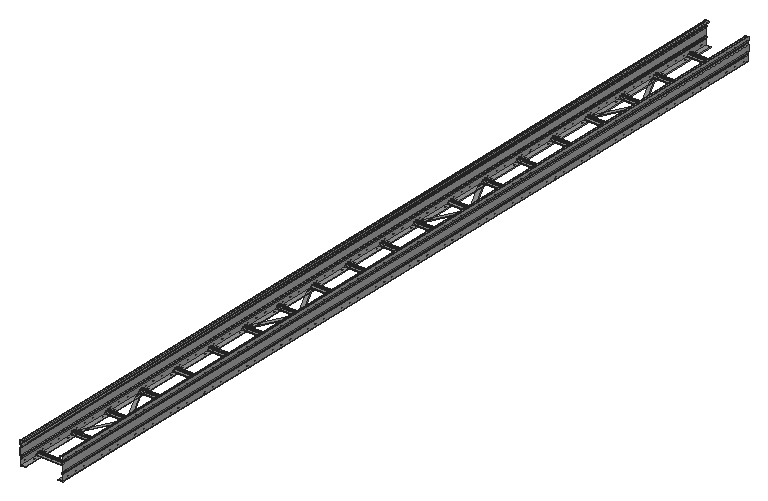
Revit family "W1630 FS, FT, FT SO, A4.28.08", category Generic Models, Revit 2017 (continued)
Automatic sketch dimensions
  Extrusion 335 sketch curve to plane 193 = 2.5 mm
  Extrusion 336 sketch curve to plane 194 = 2.5 mm
  Extrusion 337 sketch curve to plane 195 = 2.5 mm
  Extrusion 338 sketch curve to plane 196 = 2.5 mm
  Extrusion 339 sketch curve to plane 197 = 2.5 mm
  Extrusion 340 sketch curve to plane 198 = 2.5 mm
  Extrusion 341 sketch curve to plane 199 = 2.5 mm
  Extrusion 342 sketch curve to plane 200 = 2.5 mm
  Extrusion 343 sketch curve to plane 201 = 2.5 mm
  Extrusion 344 sketch curve to plane 203 = 2.5 mm
  Extrusion 345 sketch curve to plane 204 = 2.5 mm
  Extrusion 346 sketch curve to plane 205 = 2.5 mm
  Extrusion 347 sketch curve to plane 206 = 2.5 mm
  Extrusion 348 sketch curve to plane 207 = 2.5 mm
  Extrusion 349 sketch curve to plane 208 = 2.5 mm
  Extrusion 350 sketch curve to plane 209 = 2.5 mm
  Extrusion 351 sketch curve to plane 210 = 2.5 mm
  Extrusion 352 sketch curve to plane 211 = 2.5 mm
  Extrusion 353 sketch curve to plane 212 = 2.5 mm
  Extrusion 354 sketch curve to plane 213 = 2.5 mm
  Extrusion 355 sketch curve to plane 214 = 2.5 mm
  Extrusion 356 sketch curve to plane 215 = 2.5 mm
  Extrusion 357 sketch curve to plane 216 = 2.5 mm
  Extrusion 358 sketch curve to plane 217 = 2.5 mm
  Extrusion 359 sketch curve to plane 218 = 2.5 mm
  Extrusion 360 sketch curve to plane 219 = 2.5 mm
  Extrusion 361 sketch curve to plane 220 = 2.5 mm
  Extrusion 362 sketch curve to plane 221 = 2.5 mm
  Extrusion 363 sketch curve to plane 222 = 2.5 mm
  Extrusion 404 sketch curve to plane 231 = 0 mm
  Extrusion 404 sketch curve to plane 234 = 0 mm
  Extrusion 404 sketch curve to plane 232 = 0 mm
  Extrusion 405 sketch curve to plane 239 = 0 mm
  Extrusion 405 sketch curve to Extrusion 405 sketch curve = 0.36 mm
  Extrusion 405 sketch curve to Extrusion 405 sketch curve = 0.618 mm  (x2)
  Extrusion 405 sketch curve to Extrusion 405 sketch curve = 0.573 mm  (x2)
  Extrusion 405 sketch curve to Extrusion 405 sketch curve = 3.233 mm
  Extrusion 405 sketch curve to Extrusion 405 sketch curve = 3.543 mm
  Extrusion 405 sketch curve to Extrusion 405 sketch curve = 0.405 mm  (x2)
  Extrusion 405 sketch curve to plane 239 = 15.583 mm
  Extrusion 405 sketch curve to plane 239 = 15.291 mm  (x2)
  Extrusion 405 sketch curve to Extrusion 405 sketch curve = 1.596 mm
  Extrusion 405 sketch curve to plane 239 = 1.583 mm  (x2)
  Extrusion 405 sketch curve to Extrusion 405 sketch curve = 1.383 mm
  Extrusion 405 sketch curve to Extrusion 405 sketch curve = 2.773 mm
  Extrusion 405 sketch curve to Extrusion 405 sketch curve = 0.5 mm
  Extrusion 404 sketch curve to plane 233 = 0 mm  (x4)
  plane 237 to Extrusion 404 sketch curve = 2.664 mm
  Extrusion 406 sketch curve to plane 240 = 0 mm
  Extrusion 406 sketch curve to Extrusion 406 sketch curve = 0.36 mm
  Extrusion 406 sketch curve to Extrusion 406 sketch curve = 0.618 mm  (x2)
  Extrusion 406 sketch curve to Extrusion 406 sketch curve = 0.573 mm  (x2)
  Extrusion 406 sketch curve to Extrusion 406 sketch curve = 3.233 mm
  Extrusion 406 sketch curve to Extrusion 406 sketch curve = 3.543 mm
  Extrusion 406 sketch curve to Extrusion 406 sketch curve = 0.405 mm  (x2)
  Extrusion 406 sketch curve to plane 240 = 15.583 mm
  Extrusion 406 sketch curve to plane 240 = 15.291 mm  (x2)
  Extrusion 406 sketch curve to Extrusion 406 sketch curve = 1.596 mm
  Extrusion 406 sketch curve to plane 240 = 1.583 mm  (x2)
  Extrusion 406 sketch curve to Extrusion 406 sketch curve = 1.383 mm
  Extrusion 406 sketch curve to Extrusion 406 sketch curve = 2.773 mm
  Extrusion 406 sketch curve to Extrusion 406 sketch curve = 0.5 mm
  Extrusion 407 sketch curve to plane 241 = 0 mm
  Extrusion 407 sketch curve to plane 244 = 0 mm
  Extrusion 407 sketch curve to plane 242 = 0 mm
  Extrusion 407 sketch curve to plane 243 = 0 mm  (x4)
  plane 247 to Extrusion 407 sketch curve = 2.664 mm
  Extrusion 408 sketch curve to plane 249 = 0 mm
  Extrusion 408 sketch curve to Extrusion 408 sketch curve = 0.36 mm
  Extrusion 408 sketch curve to Extrusion 408 sketch curve = 0.618 mm  (x2)
  Extrusion 408 sketch curve to Extrusion 408 sketch curve = 0.573 mm  (x2)
  Extrusion 408 sketch curve to Extrusion 408 sketch curve = 3.233 mm
  Extrusion 408 sketch curve to Extrusion 408 sketch curve = 3.543 mm
  Extrusion 408 sketch curve to Extrusion 408 sketch curve = 0.405 mm  (x2)
  Extrusion 408 sketch curve to plane 249 = 15.583 mm
  Extrusion 408 sketch curve to plane 249 = 15.291 mm  (x2)
  Extrusion 408 sketch curve to Extrusion 408 sketch curve = 1.596 mm
  Extrusion 408 sketch curve to plane 249 = 1.583 mm  (x2)
  Extrusion 408 sketch curve to Extrusion 408 sketch curve = 1.383 mm
  Extrusion 408 sketch curve to Extrusion 408 sketch curve = 2.773 mm
  Extrusion 408 sketch curve to Extrusion 408 sketch curve = 0.5 mm
  Extrusion 409 sketch curve to plane 250 = 0 mm
  Extrusion 409 sketch curve to plane 253 = 0 mm
  Extrusion 409 sketch curve to plane 251 = 0 mm
  Extrusion 409 sketch curve to plane 252 = 0 mm  (x4)
  plane 256 to Extrusion 409 sketch curve = 2.664 mm
  Extrusion 410 sketch curve to plane 258 = 0 mm
  Extrusion 410 sketch curve to Extrusion 410 sketch curve = 0.36 mm
  Extrusion 410 sketch curve to Extrusion 410 sketch curve = 0.618 mm  (x2)
  Extrusion 410 sketch curve to Extrusion 410 sketch curve = 0.573 mm  (x2)
  Extrusion 410 sketch curve to Extrusion 410 sketch curve = 3.233 mm
  Extrusion 410 sketch curve to Extrusion 410 sketch curve = 3.543 mm
  Extrusion 410 sketch curve to Extrusion 410 sketch curve = 0.405 mm  (x2)
  Extrusion 410 sketch curve to plane 258 = 15.583 mm
  Extrusion 410 sketch curve to plane 258 = 15.291 mm  (x2)
  Extrusion 410 sketch curve to Extrusion 410 sketch curve = 1.596 mm
  Extrusion 410 sketch curve to plane 258 = 1.583 mm  (x2)
  Extrusion 410 sketch curve to Extrusion 410 sketch curve = 1.383 mm
  Extrusion 410 sketch curve to Extrusion 410 sketch curve = 2.773 mm
  Extrusion 410 sketch curve to Extrusion 410 sketch curve = 0.5 mm
  Extrusion 411 sketch curve to plane 259 = 0 mm
  Extrusion 411 sketch curve to plane 262 = 0 mm
  Extrusion 411 sketch curve to plane 260 = 0 mm
  Extrusion 411 sketch curve to plane 261 = 0 mm  (x4)
  plane 265 to Extrusion 411 sketch curve = 2.664 mm
  Extrusion 412 sketch curve to plane 267 = 0 mm
  Extrusion 412 sketch curve to Extrusion 412 sketch curve = 0.36 mm
  Extrusion 412 sketch curve to Extrusion 412 sketch curve = 0.618 mm  (x2)
  Extrusion 412 sketch curve to Extrusion 412 sketch curve = 0.573 mm  (x2)
  Extrusion 412 sketch curve to Extrusion 412 sketch curve = 3.233 mm
  Extrusion 412 sketch curve to Extrusion 412 sketch curve = 3.543 mm
  Extrusion 412 sketch curve to Extrusion 412 sketch curve = 0.405 mm  (x2)
  Extrusion 412 sketch curve to plane 267 = 15.583 mm
  Extrusion 412 sketch curve to plane 267 = 15.291 mm  (x2)
  Extrusion 412 sketch curve to Extrusion 412 sketch curve = 1.596 mm
  Extrusion 412 sketch curve to plane 267 = 1.583 mm  (x2)
  Extrusion 412 sketch curve to Extrusion 412 sketch curve = 1.383 mm
  Extrusion 412 sketch curve to Extrusion 412 sketch curve = 2.773 mm
  Extrusion 412 sketch curve to Extrusion 412 sketch curve = 0.5 mm
  Extrusion 413 sketch curve to plane 268 = 0 mm
  Extrusion 413 sketch curve to plane 271 = 0 mm
  Extrusion 413 sketch curve to plane 269 = 0 mm
  Extrusion 413 sketch curve to plane 270 = 0 mm  (x4)
  plane 274 to Extrusion 413 sketch curve = 2.664 mm
  Extrusion 414 sketch curve to plane 276 = 0 mm
  Extrusion 414 sketch curve to Extrusion 414 sketch curve = 0.36 mm
  Extrusion 414 sketch curve to Extrusion 414 sketch curve = 0.618 mm  (x2)
  Extrusion 414 sketch curve to Extrusion 414 sketch curve = 0.573 mm  (x2)
  Extrusion 414 sketch curve to Extrusion 414 sketch curve = 3.233 mm
  Extrusion 414 sketch curve to Extrusion 414 sketch curve = 3.543 mm
  Extrusion 414 sketch curve to Extrusion 414 sketch curve = 0.405 mm  (x2)
  Extrusion 414 sketch curve to plane 276 = 15.583 mm
  Extrusion 414 sketch curve to plane 276 = 15.291 mm  (x2)
  Extrusion 414 sketch curve to Extrusion 414 sketch curve = 1.596 mm
  Extrusion 414 sketch curve to plane 276 = 1.583 mm  (x2)
  Extrusion 414 sketch curve to Extrusion 414 sketch curve = 1.383 mm
  Extrusion 414 sketch curve to Extrusion 414 sketch curve = 2.773 mm
  Extrusion 414 sketch curve to Extrusion 414 sketch curve = 0.5 mm
  Extrusion 415 sketch curve to plane 277 = 0 mm
  Extrusion 415 sketch curve to plane 280 = 0 mm
  Extrusion 415 sketch curve to plane 278 = 0 mm
  Extrusion 415 sketch curve to plane 279 = 0 mm  (x4)
  plane 283 to Extrusion 415 sketch curve = 2.664 mm
  Extrusion 416 sketch curve to plane 285 = 0 mm
  Extrusion 416 sketch curve to Extrusion 416 sketch curve = 0.36 mm
  Extrusion 416 sketch curve to Extrusion 416 sketch curve = 0.618 mm  (x2)
  Extrusion 416 sketch curve to Extrusion 416 sketch curve = 0.573 mm  (x2)
  Extrusion 416 sketch curve to Extrusion 416 sketch curve = 3.233 mm
  Extrusion 416 sketch curve to Extrusion 416 sketch curve = 3.543 mm
  Extrusion 416 sketch curve to Extrusion 416 sketch curve = 0.405 mm  (x2)
  Extrusion 416 sketch curve to plane 285 = 15.583 mm
  Extrusion 416 sketch curve to plane 285 = 15.291 mm  (x2)
  Extrusion 416 sketch curve to Extrusion 416 sketch curve = 1.596 mm
  Extrusion 416 sketch curve to plane 285 = 1.583 mm  (x2)
  Extrusion 416 sketch curve to Extrusion 416 sketch curve = 1.383 mm
  Extrusion 416 sketch curve to Extrusion 416 sketch curve = 2.773 mm
  Extrusion 416 sketch curve to Extrusion 416 sketch curve = 0.5 mm
  Extrusion 417 sketch curve to plane 286 = 0 mm
  Extrusion 417 sketch curve to plane 289 = 0 mm
  Extrusion 417 sketch curve to plane 287 = 0 mm
  Extrusion 417 sketch curve to plane 288 = 0 mm  (x4)
  plane 292 to Extrusion 417 sketch curve = 2.664 mm
  Extrusion 418 sketch curve to plane 294 = 0 mm
  Extrusion 418 sketch curve to Extrusion 418 sketch curve = 0.36 mm
  Extrusion 418 sketch curve to Extrusion 418 sketch curve = 0.618 mm  (x2)
  Extrusion 418 sketch curve to Extrusion 418 sketch curve = 0.573 mm  (x2)
  Extrusion 418 sketch curve to Extrusion 418 sketch curve = 3.233 mm
  Extrusion 418 sketch curve to Extrusion 418 sketch curve = 3.543 mm
  Extrusion 418 sketch curve to Extrusion 418 sketch curve = 0.405 mm  (x2)
  Extrusion 418 sketch curve to plane 294 = 15.583 mm
  Extrusion 418 sketch curve to plane 294 = 15.291 mm  (x2)
  Extrusion 418 sketch curve to Extrusion 418 sketch curve = 1.596 mm
  Extrusion 418 sketch curve to plane 294 = 1.583 mm  (x2)
  Extrusion 418 sketch curve to Extrusion 418 sketch curve = 1.383 mm
  Extrusion 418 sketch curve to Extrusion 418 sketch curve = 2.773 mm
  Extrusion 418 sketch curve to Extrusion 418 sketch curve = 0.5 mm
  Extrusion 419 sketch curve to plane 295 = 0 mm
  Extrusion 419 sketch curve to plane 298 = 0 mm
  Extrusion 419 sketch curve to plane 296 = 0 mm
  Extrusion 419 sketch curve to plane 297 = 0 mm  (x4)
  plane 301 to Extrusion 419 sketch curve = 2.664 mm
  Extrusion 420 sketch curve to plane 303 = 0 mm
  Extrusion 420 sketch curve to Extrusion 420 sketch curve = 0.36 mm
  Extrusion 420 sketch curve to Extrusion 420 sketch curve = 0.618 mm  (x2)
  Extrusion 420 sketch curve to Extrusion 420 sketch curve = 0.573 mm  (x2)
  Extrusion 420 sketch curve to Extrusion 420 sketch curve = 3.233 mm
  Extrusion 420 sketch curve to Extrusion 420 sketch curve = 3.543 mm
  Extrusion 420 sketch curve to Extrusion 420 sketch curve = 0.405 mm  (x2)
  Extrusion 420 sketch curve to plane 303 = 15.583 mm
  Extrusion 420 sketch curve to plane 303 = 15.291 mm  (x2)
  Extrusion 420 sketch curve to Extrusion 420 sketch curve = 1.596 mm
  Extrusion 420 sketch curve to plane 303 = 1.583 mm  (x2)
  Extrusion 420 sketch curve to Extrusion 420 sketch curve = 1.383 mm
  Extrusion 420 sketch curve to Extrusion 420 sketch curve = 2.773 mm
  Extrusion 420 sketch curve to Extrusion 420 sketch curve = 0.5 mm
  Extrusion 421 sketch curve to plane 304 = 0 mm
  Extrusion 421 sketch curve to plane 307 = 0 mm
  Extrusion 421 sketch curve to plane 305 = 0 mm
  Extrusion 421 sketch curve to plane 306 = 0 mm  (x4)
  plane 310 to Extrusion 421 sketch curve = 2.664 mm
  Extrusion 422 sketch curve to plane 312 = 0 mm
  Extrusion 422 sketch curve to Extrusion 422 sketch curve = 0.36 mm
  Extrusion 422 sketch curve to Extrusion 422 sketch curve = 0.618 mm  (x2)
  Extrusion 422 sketch curve to Extrusion 422 sketch curve = 0.573 mm  (x2)
  Extrusion 422 sketch curve to Extrusion 422 sketch curve = 3.233 mm
  Extrusion 422 sketch curve to Extrusion 422 sketch curve = 3.543 mm
  Extrusion 422 sketch curve to Extrusion 422 sketch curve = 0.405 mm  (x2)
  Extrusion 422 sketch curve to plane 312 = 15.583 mm
  Extrusion 422 sketch curve to plane 312 = 15.291 mm  (x2)
  Extrusion 422 sketch curve to Extrusion 422 sketch curve = 1.596 mm
  Extrusion 422 sketch curve to plane 312 = 1.583 mm  (x2)
  Extrusion 422 sketch curve to Extrusion 422 sketch curve = 1.383 mm
  Extrusion 422 sketch curve to Extrusion 422 sketch curve = 2.773 mm
  Extrusion 422 sketch curve to Extrusion 422 sketch curve = 0.5 mm
  Extrusion 423 sketch curve to plane 313 = 0 mm
  Extrusion 423 sketch curve to plane 316 = 0 mm
  Extrusion 423 sketch curve to plane 314 = 0 mm
  Extrusion 423 sketch curve to plane 315 = 0 mm  (x4)
  plane 319 to Extrusion 423 sketch curve = 2.664 mm
  Extrusion 424 sketch curve to plane 321 = 0 mm
  Extrusion 424 sketch curve to Extrusion 424 sketch curve = 0.36 mm
  Extrusion 424 sketch curve to Extrusion 424 sketch curve = 0.618 mm  (x2)
  Extrusion 424 sketch curve to Extrusion 424 sketch curve = 0.573 mm  (x2)
  Extrusion 424 sketch curve to Extrusion 424 sketch curve = 3.233 mm
  Extrusion 424 sketch curve to Extrusion 424 sketch curve = 3.543 mm
  Extrusion 424 sketch curve to Extrusion 424 sketch curve = 0.405 mm  (x2)
  Extrusion 424 sketch curve to plane 321 = 15.583 mm
  Extrusion 424 sketch curve to plane 321 = 15.291 mm  (x2)
  Extrusion 424 sketch curve to Extrusion 424 sketch curve = 1.596 mm
  Extrusion 424 sketch curve to plane 321 = 1.583 mm  (x2)
  Extrusion 424 sketch curve to Extrusion 424 sketch curve = 1.383 mm
  Extrusion 424 sketch curve to Extrusion 424 sketch curve = 2.773 mm
  Extrusion 424 sketch curve to Extrusion 424 sketch curve = 0.5 mm
  Extrusion 425 sketch curve to plane 322 = 0 mm
  Extrusion 425 sketch curve to plane 325 = 0 mm
  Extrusion 425 sketch curve to plane 323 = 0 mm
  Extrusion 425 sketch curve to plane 324 = 0 mm  (x4)
  plane 328 to Extrusion 425 sketch curve = 2.664 mm
  Extrusion 426 sketch curve to plane 330 = 0 mm
  Extrusion 426 sketch curve to Extrusion 426 sketch curve = 0.36 mm
  Extrusion 426 sketch curve to Extrusion 426 sketch curve = 0.618 mm  (x2)
  Extrusion 426 sketch curve to Extrusion 426 sketch curve = 0.573 mm  (x2)
  Extrusion 426 sketch curve to Extrusion 426 sketch curve = 3.233 mm
  Extrusion 426 sketch curve to Extrusion 426 sketch curve = 3.543 mm
  Extrusion 426 sketch curve to Extrusion 426 sketch curve = 0.405 mm  (x2)
  Extrusion 426 sketch curve to plane 330 = 15.583 mm
  Extrusion 426 sketch curve to plane 330 = 15.291 mm  (x2)
  Extrusion 426 sketch curve to Extrusion 426 sketch curve = 1.596 mm
  Extrusion 426 sketch curve to plane 330 = 1.583 mm  (x2)
  Extrusion 426 sketch curve to Extrusion 426 sketch curve = 1.383 mm
  Extrusion 426 sketch curve to Extrusion 426 sketch curve = 2.773 mm
  Extrusion 426 sketch curve to Extrusion 426 sketch curve = 0.5 mm
  Extrusion 427 sketch curve to plane 331 = 0 mm
  Extrusion 427 sketch curve to plane 334 = 0 mm
  Extrusion 427 sketch curve to plane 332 = 0 mm
  Extrusion 427 sketch curve to plane 333 = 0 mm  (x4)
  plane 337 to Extrusion 427 sketch curve = 2.664 mm
  Extrusion 428 sketch curve to plane 339 = 0 mm
  Extrusion 428 sketch curve to Extrusion 428 sketch curve = 0.36 mm
  Extrusion 428 sketch curve to Extrusion 428 sketch curve = 0.618 mm  (x2)
  Extrusion 428 sketch curve to Extrusion 428 sketch curve = 0.573 mm  (x2)
  Extrusion 428 sketch curve to Extrusion 428 sketch curve = 3.233 mm
  Extrusion 428 sketch curve to Extrusion 428 sketch curve = 3.543 mm
  Extrusion 428 sketch curve to Extrusion 428 sketch curve = 0.405 mm  (x2)
  Extrusion 428 sketch curve to plane 339 = 15.583 mm
  Extrusion 428 sketch curve to plane 339 = 15.291 mm  (x2)
  Extrusion 428 sketch curve to Extrusion 428 sketch curve = 1.596 mm
  Extrusion 428 sketch curve to plane 339 = 1.583 mm  (x2)
  Extrusion 428 sketch curve to Extrusion 428 sketch curve = 1.383 mm
  Extrusion 428 sketch curve to Extrusion 428 sketch curve = 2.773 mm
  Extrusion 428 sketch curve to Extrusion 428 sketch curve = 0.5 mm
  Extrusion 429 sketch curve to plane 340 = 0 mm
  Extrusion 429 sketch curve to plane 343 = 0 mm
  Extrusion 429 sketch curve to plane 341 = 0 mm
  Extrusion 429 sketch curve to plane 342 = 0 mm  (x4)
  plane 346 to Extrusion 429 sketch curve = 2.664 mm
  Extrusion 430 sketch curve to plane 348 = 0 mm
  Extrusion 430 sketch curve to Extrusion 430 sketch curve = 0.36 mm
  Extrusion 430 sketch curve to Extrusion 430 sketch curve = 0.618 mm  (x2)
  Extrusion 430 sketch curve to Extrusion 430 sketch curve = 0.573 mm  (x2)
  Extrusion 430 sketch curve to Extrusion 430 sketch curve = 3.233 mm
  Extrusion 430 sketch curve to Extrusion 430 sketch curve = 3.543 mm
  Extrusion 430 sketch curve to Extrusion 430 sketch curve = 0.405 mm  (x2)
  Extrusion 430 sketch curve to plane 348 = 15.583 mm
  Extrusion 430 sketch curve to plane 348 = 15.291 mm  (x2)
  Extrusion 430 sketch curve to Extrusion 430 sketch curve = 1.596 mm
  Extrusion 430 sketch curve to plane 348 = 1.583 mm  (x2)
  Extrusion 430 sketch curve to Extrusion 430 sketch curve = 1.383 mm
  Extrusion 430 sketch curve to Extrusion 430 sketch curve = 2.773 mm
  Extrusion 430 sketch curve to Extrusion 430 sketch curve = 0.5 mm
  Extrusion 431 sketch curve to plane 349 = 0 mm
  Extrusion 431 sketch curve to plane 352 = 0 mm
  Extrusion 431 sketch curve to plane 350 = 0 mm
  Extrusion 431 sketch curve to plane 351 = 0 mm  (x4)
  plane 355 to Extrusion 431 sketch curve = 2.664 mm
  Extrusion 432 sketch curve to plane 357 = 0 mm
  Extrusion 432 sketch curve to Extrusion 432 sketch curve = 0.36 mm
  Extrusion 432 sketch curve to Extrusion 432 sketch curve = 0.618 mm  (x2)
  Extrusion 432 sketch curve to Extrusion 432 sketch curve = 0.573 mm  (x2)
  Extrusion 432 sketch curve to Extrusion 432 sketch curve = 3.233 mm
  Extrusion 432 sketch curve to Extrusion 432 sketch curve = 3.543 mm
  Extrusion 432 sketch curve to Extrusion 432 sketch curve = 0.405 mm  (x2)
  Extrusion 432 sketch curve to plane 357 = 15.583 mm
  Extrusion 432 sketch curve to plane 357 = 15.291 mm  (x2)
  Extrusion 432 sketch curve to Extrusion 432 sketch curve = 1.596 mm
  Extrusion 432 sketch curve to plane 357 = 1.583 mm  (x2)
  Extrusion 432 sketch curve to Extrusion 432 sketch curve = 1.383 mm
  Extrusion 432 sketch curve to Extrusion 432 sketch curve = 2.773 mm
  Extrusion 432 sketch curve to Extrusion 432 sketch curve = 0.5 mm
  Extrusion 433 sketch curve to plane 358 = 0 mm
  Extrusion 433 sketch curve to plane 361 = 0 mm
  Extrusion 433 sketch curve to plane 359 = 0 mm
  Extrusion 433 sketch curve to plane 360 = 0 mm  (x4)
  plane 364 to Extrusion 433 sketch curve = 2.664 mm
  Extrusion 434 sketch curve to plane 366 = 0 mm
  Extrusion 434 sketch curve to Extrusion 434 sketch curve = 0.36 mm
  Extrusion 434 sketch curve to Extrusion 434 sketch curve = 0.618 mm  (x2)
  Extrusion 434 sketch curve to Extrusion 434 sketch curve = 0.573 mm  (x2)
  Extrusion 434 sketch curve to Extrusion 434 sketch curve = 3.233 mm
  Extrusion 434 sketch curve to Extrusion 434 sketch curve = 3.543 mm
  Extrusion 434 sketch curve to Extrusion 434 sketch curve = 0.405 mm  (x2)
  Extrusion 434 sketch curve to plane 366 = 15.583 mm
  Extrusion 434 sketch curve to plane 366 = 15.291 mm  (x2)
  Extrusion 434 sketch curve to Extrusion 434 sketch curve = 1.596 mm
  Extrusion 434 sketch curve to plane 366 = 1.583 mm  (x2)
  Extrusion 434 sketch curve to Extrusion 434 sketch curve = 1.383 mm
  Extrusion 434 sketch curve to Extrusion 434 sketch curve = 2.773 mm
  Extrusion 434 sketch curve to Extrusion 434 sketch curve = 0.5 mm
  Extrusion 435 sketch curve to plane 367 = 0 mm
  Extrusion 435 sketch curve to plane 370 = 0 mm
  Extrusion 435 sketch curve to plane 368 = 0 mm
  Extrusion 435 sketch curve to plane 369 = 0 mm  (x4)
  plane 373 to Extrusion 435 sketch curve = 2.664 mm
  Extrusion 436 sketch curve to plane 375 = 0 mm
  Extrusion 436 sketch curve to Extrusion 436 sketch curve = 0.36 mm
  Extrusion 436 sketch curve to Extrusion 436 sketch curve = 0.618 mm  (x2)
  Extrusion 436 sketch curve to Extrusion 436 sketch curve = 0.573 mm  (x2)
  Extrusion 436 sketch curve to Extrusion 436 sketch curve = 3.233 mm
  Extrusion 436 sketch curve to Extrusion 436 sketch curve = 3.543 mm
  Extrusion 436 sketch curve to Extrusion 436 sketch curve = 0.405 mm  (x2)
  Extrusion 436 sketch curve to plane 375 = 15.583 mm
  Extrusion 436 sketch curve to plane 375 = 15.291 mm  (x2)
  Extrusion 436 sketch curve to Extrusion 436 sketch curve = 1.596 mm
  Extrusion 436 sketch curve to plane 375 = 1.583 mm  (x2)
  Extrusion 436 sketch curve to Extrusion 436 sketch curve = 1.383 mm
  Extrusion 436 sketch curve to Extrusion 436 sketch curve = 2.773 mm
  Extrusion 436 sketch curve to Extrusion 436 sketch curve = 0.5 mm
  Extrusion 437 sketch curve to plane 376 = 0 mm
  Extrusion 437 sketch curve to plane 379 = 0 mm
  Extrusion 437 sketch curve to plane 377 = 0 mm
  Extrusion 437 sketch curve to plane 378 = 0 mm  (x4)
  plane 382 to Extrusion 437 sketch curve = 2.664 mm
  Extrusion 438 sketch curve to plane 384 = 0 mm
  Extrusion 438 sketch curve to Extrusion 438 sketch curve = 0.36 mm
  Extrusion 438 sketch curve to Extrusion 438 sketch curve = 0.618 mm  (x2)
  Extrusion 438 sketch curve to Extrusion 438 sketch curve = 0.573 mm  (x2)
  Extrusion 438 sketch curve to Extrusion 438 sketch curve = 3.233 mm
  Extrusion 438 sketch curve to Extrusion 438 sketch curve = 3.543 mm
  Extrusion 438 sketch curve to Extrusion 438 sketch curve = 0.405 mm  (x2)
  Extrusion 438 sketch curve to plane 384 = 15.583 mm
  Extrusion 438 sketch curve to plane 384 = 15.291 mm  (x2)
  Extrusion 438 sketch curve to Extrusion 438 sketch curve = 1.596 mm
  Extrusion 438 sketch curve to plane 384 = 1.583 mm  (x2)
  Extrusion 438 sketch curve to Extrusion 438 sketch curve = 1.383 mm
  Extrusion 438 sketch curve to Extrusion 438 sketch curve = 2.773 mm
  Extrusion 438 sketch curve to Extrusion 438 sketch curve = 0.5 mm
  Extrusion 439 sketch curve to plane 385 = 0 mm
  Extrusion 439 sketch curve to plane 388 = 0 mm
  Extrusion 439 sketch curve to plane 386 = 0 mm
  Extrusion 439 sketch curve to plane 387 = 0 mm  (x4)
  plane 391 to Extrusion 439 sketch curve = 2.664 mm
  Extrusion 440 sketch curve to plane 393 = 0 mm
  Extrusion 440 sketch curve to Extrusion 440 sketch curve = 0.36 mm
  Extrusion 440 sketch curve to Extrusion 440 sketch curve = 0.618 mm  (x2)
  Extrusion 440 sketch curve to Extrusion 440 sketch curve = 0.573 mm  (x2)
  Extrusion 440 sketch curve to Extrusion 440 sketch curve = 3.233 mm
  Extrusion 440 sketch curve to Extrusion 440 sketch curve = 3.543 mm
  Extrusion 440 sketch curve to Extrusion 440 sketch curve = 0.405 mm  (x2)
  Extrusion 440 sketch curve to plane 393 = 15.583 mm
  Extrusion 440 sketch curve to plane 393 = 15.291 mm  (x2)
  Extrusion 440 sketch curve to Extrusion 440 sketch curve = 1.596 mm
  Extrusion 440 sketch curve to plane 393 = 1.583 mm  (x2)
  Extrusion 440 sketch curve to Extrusion 440 sketch curve = 1.383 mm
  Extrusion 440 sketch curve to Extrusion 440 sketch curve = 2.773 mm
  Extrusion 440 sketch curve to Extrusion 440 sketch curve = 0.5 mm
  Extrusion 441 sketch curve to plane 394 = 0 mm
  Extrusion 441 sketch curve to plane 397 = 0 mm
  Extrusion 441 sketch curve to plane 395 = 0 mm
  Extrusion 441 sketch curve to plane 396 = 0 mm  (x4)
  plane 400 to Extrusion 441 sketch curve = 2.664 mm
  Extrusion 442 sketch curve to plane 402 = 0 mm
  Extrusion 442 sketch curve to Extrusion 442 sketch curve = 0.36 mm
  Extrusion 442 sketch curve to Extrusion 442 sketch curve = 0.618 mm  (x2)
  Extrusion 442 sketch curve to Extrusion 442 sketch curve = 0.573 mm  (x2)
  Extrusion 442 sketch curve to Extrusion 442 sketch curve = 3.233 mm
  Extrusion 442 sketch curve to Extrusion 442 sketch curve = 3.543 mm
  Extrusion 442 sketch curve to Extrusion 442 sketch curve = 0.405 mm  (x2)
  Extrusion 442 sketch curve to plane 402 = 15.583 mm
  Extrusion 442 sketch curve to plane 402 = 15.291 mm  (x2)
  Extrusion 442 sketch curve to Extrusion 442 sketch curve = 1.596 mm
  Extrusion 442 sketch curve to plane 402 = 1.583 mm  (x2)
  Extrusion 442 sketch curve to Extrusion 442 sketch curve = 1.383 mm
  Extrusion 442 sketch curve to Extrusion 442 sketch curve = 2.773 mm
  Extrusion 442 sketch curve to Extrusion 442 sketch curve = 0.5 mm
  Extrusion 443 sketch curve to plane 403 = 0 mm
  Extrusion 443 sketch curve to plane 406 = 0 mm
  Extrusion 443 sketch curve to plane 404 = 0 mm
  Extrusion 443 sketch curve to plane 405 = 0 mm  (x4)
  plane 409 to Extrusion 443 sketch curve = 2.664 mm
  Extrusion 445 sketch curve to Extrusion 445 sketch curve = 20.688 mm
  Extrusion 444 sketch curve to Extrusion 444 sketch curve = 22.157 mm
  Extrusion 444 sketch curve to Extrusion 444 sketch curve = 269.869 mm
  Extrusion 444 sketch curve to Extrusion 444 sketch curve = 18.526 mm  (x2)
  Extrusion 446 sketch curve to Extrusion 446 sketch curve = 22.157 mm
  Extrusion 446 sketch curve to Extrusion 446 sketch curve = 269.869 mm
  Extrusion 446 sketch curve to Extrusion 446 sketch curve = 18.526 mm  (x2)
  Extrusion 447 sketch curve to Extrusion 447 sketch curve = 22.157 mm
  Extrusion 447 sketch curve to Extrusion 447 sketch curve = 269.869 mm
  Extrusion 447 sketch curve to Extrusion 447 sketch curve = 18.526 mm  (x2)
  Extrusion 448 sketch curve to Extrusion 448 sketch curve = 22.157 mm
  Extrusion 448 sketch curve to Extrusion 448 sketch curve = 269.869 mm
  Extrusion 448 sketch curve to Extrusion 448 sketch curve = 18.526 mm  (x2)
  plane 421 to Extrusion 445 sketch curve = 0 mm
  Extrusion 445 sketch curve to plane 421 = 523.165 mm
  Extrusion 449 sketch curve to Extrusion 449 sketch curve = 20.688 mm
  plane 429 to Extrusion 449 sketch curve = 0 mm
  Extrusion 449 sketch curve to plane 429 = 523.165 mm
  Extrusion 450 sketch curve to Extrusion 450 sketch curve = 20.688 mm
  plane 430 to Extrusion 450 sketch curve = 0 mm
  Extrusion 450 sketch curve to plane 430 = 523.165 mm
  Extrusion 451 sketch curve to Extrusion 451 sketch curve = 20.688 mm
  plane 431 to Extrusion 451 sketch curve = 0 mm
  Extrusion 451 sketch curve to plane 431 = 523.165 mm
  radius of Extrusion 324 sketch curve = 2.5 mm
  radius of Extrusion 325 sketch curve = 2.5 mm
  radius of Extrusion 326 sketch curve = 2.5 mm
  radius of Extrusion 327 sketch curve = 2.5 mm
  radius of Extrusion 328 sketch curve = 2.5 mm
  radius of Extrusion 329 sketch curve = 2.5 mm
  radius of Extrusion 330 sketch curve = 2.5 mm
  radius of Extrusion 331 sketch curve = 2.5 mm
  radius of Extrusion 332 sketch curve = 2.5 mm
  radius of Extrusion 333 sketch curve = 2.5 mm
  radius of Extrusion 334 sketch curve = 2.5 mm
  radius of Extrusion 335 sketch curve = 2.5 mm
  radius of Extrusion 336 sketch curve = 2.5 mm
  radius of Extrusion 337 sketch curve = 2.5 mm
  radius of Extrusion 338 sketch curve = 2.5 mm
  radius of Extrusion 339 sketch curve = 2.5 mm
  radius of Extrusion 340 sketch curve = 2.5 mm
  radius of Extrusion 341 sketch curve = 2.5 mm
  radius of Extrusion 342 sketch curve = 2.5 mm
  radius of Extrusion 343 sketch curve = 2.5 mm
  radius of Extrusion 344 sketch curve = 2.5 mm
  radius of Extrusion 345 sketch curve = 2.5 mm
  radius of Extrusion 346 sketch curve = 2.5 mm
  radius of Extrusion 347 sketch curve = 2.5 mm
  radius of Extrusion 348 sketch curve = 2.5 mm
  radius of Extrusion 349 sketch curve = 2.5 mm
  radius of Extrusion 350 sketch curve = 2.5 mm
  radius of Extrusion 351 sketch curve = 2.5 mm
  radius of Extrusion 352 sketch curve = 2.5 mm
  radius of Extrusion 353 sketch curve = 2.5 mm
  radius of Extrusion 354 sketch curve = 2.5 mm
  radius of Extrusion 355 sketch curve = 2.5 mm
  radius of Extrusion 356 sketch curve = 2.5 mm
  radius of Extrusion 357 sketch curve = 2.5 mm
  radius of Extrusion 358 sketch curve = 2.5 mm
  radius of Extrusion 359 sketch curve = 2.5 mm
  radius of Extrusion 360 sketch curve = 2.5 mm
  radius of Extrusion 361 sketch curve = 2.5 mm
  radius of Extrusion 362 sketch curve = 2.5 mm
  radius of Extrusion 363 sketch curve = 2.5 mm
  radius of Extrusion 364 sketch curve = 2.5 mm
  radius of Extrusion 365 sketch curve = 2.5 mm
  radius of Extrusion 366 sketch curve = 2.5 mm
  radius of Extrusion 367 sketch curve = 2.5 mm
  radius of Extrusion 368 sketch curve = 2.5 mm
  radius of Extrusion 369 sketch curve = 2.5 mm
  radius of Extrusion 370 sketch curve = 2.5 mm
  radius of Extrusion 371 sketch curve = 2.5 mm
  radius of Extrusion 372 sketch curve = 2.5 mm
  radius of Extrusion 373 sketch curve = 2.5 mm
  radius of Extrusion 374 sketch curve = 2.5 mm
  radius of Extrusion 375 sketch curve = 2.5 mm
  radius of Extrusion 376 sketch curve = 2.5 mm
  radius of Extrusion 377 sketch curve = 2.5 mm
  radius of Extrusion 378 sketch curve = 2.5 mm
  radius of Extrusion 379 sketch curve = 2.5 mm
  radius of Extrusion 380 sketch curve = 2.5 mm
  radius of Extrusion 381 sketch curve = 2.5 mm
  radius of Extrusion 382 sketch curve = 2.5 mm
  radius of Extrusion 383 sketch curve = 2.5 mm
  radius of Extrusion 384 sketch curve = 2.5 mm
  radius of Extrusion 385 sketch curve = 2.5 mm
  radius of Extrusion 386 sketch curve = 2.5 mm
  radius of Extrusion 387 sketch curve = 2.5 mm
  radius of Extrusion 388 sketch curve = 2.5 mm
  radius of Extrusion 389 sketch curve = 2.5 mm
  radius of Extrusion 390 sketch curve = 2.5 mm
  radius of Extrusion 391 sketch curve = 2.5 mm
  radius of Extrusion 392 sketch curve = 2.5 mm
  radius of Extrusion 393 sketch curve = 2.5 mm
  radius of Extrusion 394 sketch curve = 2.5 mm
  radius of Extrusion 395 sketch curve = 2.5 mm
  radius of Extrusion 396 sketch curve = 2.5 mm
  radius of Extrusion 397 sketch curve = 2.5 mm
  radius of Extrusion 398 sketch curve = 2.5 mm
  radius of Extrusion 399 sketch curve = 2.5 mm
  radius of Extrusion 400 sketch curve = 2.5 mm
  radius of Extrusion 401 sketch curve = 2.5 mm
  radius of Extrusion 402 sketch curve = 2.5 mm
  radius of Extrusion 403 sketch curve = 2.5 mm
  radius of Extrusion 404 sketch curve = 2.75 mm  (x2)
  radius of Extrusion 404 sketch curve = 3.5 mm
  radius of Extrusion 407 sketch curve = 2.75 mm  (x2)
  radius of Extrusion 407 sketch curve = 3.5 mm
  radius of Extrusion 409 sketch curve = 2.75 mm  (x2)
  radius of Extrusion 409 sketch curve = 3.5 mm
  radius of Extrusion 411 sketch curve = 2.75 mm  (x2)
  radius of Extrusion 411 sketch curve = 3.5 mm
  radius of Extrusion 413 sketch curve = 2.75 mm  (x2)
  radius of Extrusion 413 sketch curve = 3.5 mm
  radius of Extrusion 415 sketch curve = 2.75 mm  (x2)
  radius of Extrusion 415 sketch curve = 3.5 mm
  radius of Extrusion 417 sketch curve = 2.75 mm  (x2)
  radius of Extrusion 417 sketch curve = 3.5 mm
  radius of Extrusion 419 sketch curve = 2.75 mm  (x2)
  radius of Extrusion 419 sketch curve = 3.5 mm
  radius of Extrusion 421 sketch curve = 2.75 mm  (x2)
  radius of Extrusion 421 sketch curve = 3.5 mm
  radius of Extrusion 423 sketch curve = 2.75 mm  (x2)
  radius of Extrusion 423 sketch curve = 3.5 mm
  radius of Extrusion 425 sketch curve = 2.75 mm  (x2)
  radius of Extrusion 425 sketch curve = 3.5 mm
  radius of Extrusion 427 sketch curve = 2.75 mm  (x2)
  radius of Extrusion 427 sketch curve = 3.5 mm
  radius of Extrusion 429 sketch curve = 2.75 mm  (x2)
  radius of Extrusion 429 sketch curve = 3.5 mm
  radius of Extrusion 431 sketch curve = 2.75 mm  (x2)
  radius of Extrusion 431 sketch curve = 3.5 mm
  radius of Extrusion 433 sketch curve = 2.75 mm  (x2)
  radius of Extrusion 433 sketch curve = 3.5 mm
  radius of Extrusion 435 sketch curve = 2.75 mm  (x2)
  radius of Extrusion 435 sketch curve = 3.5 mm
  radius of Extrusion 437 sketch curve = 2.75 mm  (x2)
  radius of Extrusion 437 sketch curve = 3.5 mm
  radius of Extrusion 439 sketch curve = 2.75 mm  (x2)
  radius of Extrusion 439 sketch curve = 3.5 mm
  radius of Extrusion 441 sketch curve = 2.75 mm  (x2)
  radius of Extrusion 441 sketch curve = 3.5 mm
  radius of Extrusion 443 sketch curve = 2.75 mm  (x2)
  radius of Extrusion 443 sketch curve = 3.5 mm
Types (5, lengths in mm): name | Material | Manufacturer Art.No. | GTIN | Article Type
  (no name) | Hot-dip galvanised | "6227139" | "4012196169450" | "WKLG 1630 FT"
  WKLG 1630 FT | Hot-dip galvanised | "6227139" | "4012196169450" | "WKLG 1630 FT"
  WKLG 1630 FS | Strip-galvanised | "6227031" | "4012196169153" | "WKLG 1630 FS"
  WKLG 1630 FT SO | Hot-dip galvanised 85 µm | "7189042" | "4012195888536" | "WKLG 1630 FT SO"
  WKLG 1630 A4 | Stainless steel, A4 | "6227172" | "4012195909996" | "WKLG 1630 A4"
